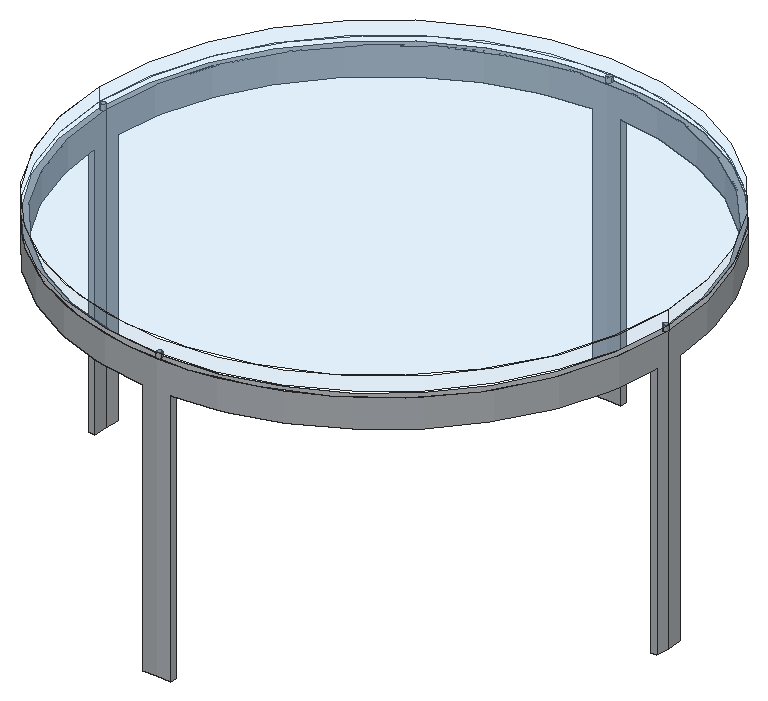
Revit family
Parameters
  URL = "http://www.martinbrattrud.com"
  Table Top [instance] = none
  SCS Certified Product = "Yes"
  Model = "Lundin 1006-30CL"
  Manufacturer = "Martin Brattrud, Inc."
  Leg [instance] = none
  Keynote = "125000"
  Copyright = "© 2013 Martin Brattrud, Inc."
  Authoring Version = "Revit Architecture 2010"
  Assembly Code = "E2020200"
Reference planes (in)
  plane 1 "Center Front/Back": y = 0
  plane 2: z = 0
  plane 3 "Center Left/Right": x = 0
  plane 4: z = 0
  plane 5: z = 16
  plane 6: z = 16
  plane 7: z = 15.25
  plane 8: z = 15
  plane 9: z = 13.5
  plane 10: x = -15
  plane 11: x = 15
  plane 12: y = 15
  plane 13: y = -15
Forms (in)
  Extrusion 1, solid, material <- "Leg"
    sketch origin (0, 0, 0) x (1, 0, 0) y (0, 1, 0)
      loop
        circle (0, 0) r 15
      loop
        circle (0, 0) r 14.6875
    from 0 to 15
  Extrusion 2, void
    sketch origin (0, 0, 0) x (1, 0, 0) y (0, 1, 0)
      loop
        line (0.75, 14.98124) -> (0.75, 0.75) -> (14.98124, 0.75)
        arc (14.98124, 0.75) -> (10.6066, 10.6066) -> (0.75, 14.98124) r 15
      loop
        line (-0.75, -14.98124) -> (-0.75, -0.75) -> (-14.98124, -0.75)
        arc (-14.98124, -0.75) -> (-10.6066, -10.6066) -> (-0.75, -14.98124) r 15
      loop
        line (14.98124, -0.75) -> (0.75, -0.75) -> (0.75, -14.98124)
        arc (0.75, -14.98124) -> (10.6066, -10.6066) -> (14.98124, -0.75) r 15
      loop
        line (-14.98124, 0.75) -> (-0.75, 0.75) -> (-0.75, 14.98124)
        arc (-0.75, 14.98124) -> (-10.6066, 10.6066) -> (-14.98124, 0.75) r 15
    from 0 to 13.5
  Extrusion 3, solid, material <- "Leg"
    sketch origin (0, 0, -4) x (1, 0, 0) y (0, 1, 0)
      loop
        circle (0, 14.82479) r 0.125
      loop
        circle (0, -14.82479) r 0.125
      loop
        circle (-14.82479, 0) r 0.125
      loop
        circle (14.82479, 0) r 0.125
    from 19 to 19.25
  Extrusion 4, solid, material <- "Table Top"
    sketch origin (0, 0, -4) x (1, 0, 0) y (0, 1, 0)
      loop
        circle (0, 0) r 15
    from 19.25 to 20
Cuts and joins
  Extrusion 2 cuts Extrusion 1
